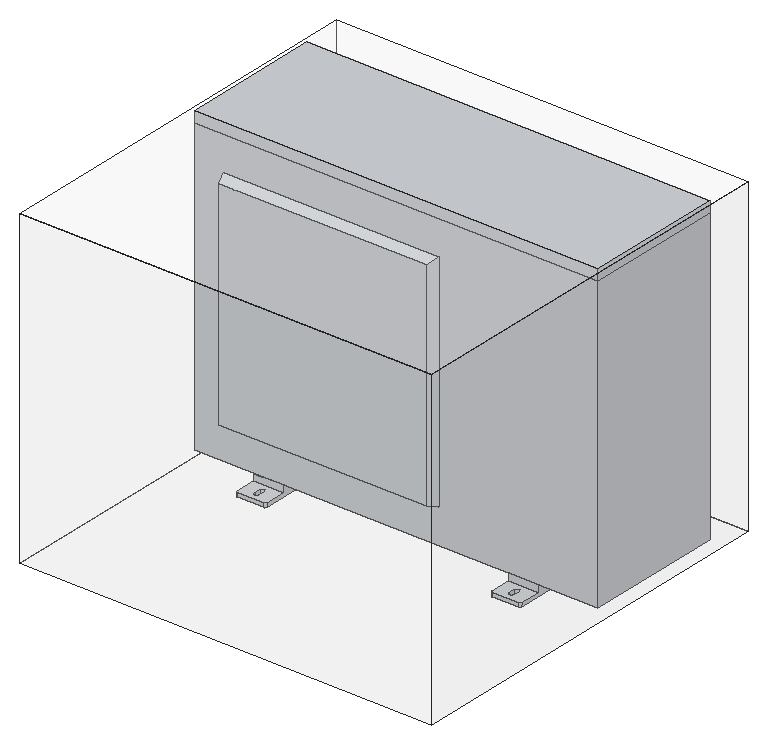
Revit family "puz-ermp80(s)ha_280ka11_50Hz", category 機械設備, Revit 2019
Family settings
  丸型コネクタ寸法 = 直径を使用
  パーツ タイプ = 標準
  OmniClass 番号 = 23.75.10.24.21.27.27
  OmniClass タイトル = Split System Air Conditioning Units
  作業面ベース = いいえ
  常に垂直 = はい
  ロード時にボイドで切り取り = いいえ
  共有 = いいえ
  部屋計算ポイント = いいえ
Parameters (values of type "PUZ-ERMP80HA11")
  音響パワーレベル（冷）(dB) = 68
  音響パワーレベル(dB) = 70
  電源種別 = ""
  電源位置Y = 2 mm
  電源位置Z = 459 mm
  電源位置X = 275 mm
  電圧 = 200 V
  電動機出力_送風機 = 0.06 kW
  電動機出力_圧縮機 = 1.6 kW
  集中コントローラ [instance] = ""
  運転質量 = 0.00 kg
  運転方法 = "冷暖切替"
  質量 = if(製品質量 > 運転質量, 製品質量, 運転質量) * 1.2  # 67.20 kg
  負荷分類 = 1_熱源類
  説明 = "空冷H/P PAC インバータ室外機"
  設計暖房能力 [instance] = 0 kW
  設計冷房能力_顕熱 [instance] = 0 kW
  設計冷房能力 [instance] = 0 kW
  設置方法 = "床置形"
  記号 [instance] = ""
  製造元 = "三菱電機株式会社"
  製品質量 = 56.00 kg
  製品出荷対象 = "国内"
  製品リリース年月 = "2021年5月10日"
  製品グループ = ""
  系統 [instance] = ""
  符号 = "PAC"
  積算_科目 = "1 空気調和設備"
  積算_拾い区分 [instance] = ""
  相 = 3
  盤記号 [instance] = ""
  発停方法 = "付属スイッチ"
  特殊仕様 [instance] = ""
  消費電力_暖房 = 2.01 kW
  消費電力_冷房 = 1.98 kW
  消費電力 = if(消費電力_冷房 > 消費電力_暖房, 消費電力_冷房, 消費電力_暖房)  # 2.01 kW
  法定耐用年数 = "6"
  構成品番 = "PUZ-ERMP80HA"
  極数 = 3
  材質 [instance] = ""
  本体マテリアル = none
  最小電線太さ_mm2 = 1.6
  最大電流値 = 0 A
  暖房能力 = 8 kW
  推奨ブレーカー容量 = 20 A
  据付ピッチ1 = 0 mm
  形式 = "パッケージ形 室外機"
  形名 = PUZ-ERMP-2 : PUZ-EREMP80
  幹線記号 [instance] = ""
  始動方式 = "インバータ始動方式"
  呼称 = "パッケージ形空気調和機_室外機"
  周波数 = 50 Hz
  価格 = 668000
  ドレン　位置Z = 23 mm
  ドレン　位置Y = 111 mm
  ドレン　位置X = 30 mm
  アンカーボルト位置Y = 370 mm
  アンカーボルト位置X = 600 mm
  参照している仕様書等のバージョン = "公共建築物標準仕様書（機械設備工事編）平成31年度版"
  分類コード = "50053003126100"
  分類グループ = ""
  冷房能力 = 7.1 kW
  冷媒管（ガス）位置X = 434 mm
  冷媒管（液）位置X = 377 mm
  冷媒管（液）位置Y = 290 mm
  冷媒管（ガス）位置Y = 229 mm
  冷媒管長 [instance] = 0 mm
  冷媒管径符号 = "Bd"
  冷媒管径 = 100.00 mm
  冷媒管位置Z = 295 mm
  冷媒管位置Y = (冷媒管（液）位置Y + 冷媒管（ガス）位置Y) / 2  # 259.5 mm
  冷媒管位置X = (冷媒管（液）位置X + 冷媒管（ガス）位置X) / 2  # 405.5 mm
  冷媒液管径 = 9.52 mm
  冷媒ガス管径 = 15.88 mm
  企業コード = "108420"
  付属品 [instance] = ""
  仕様書バージョン = "Version1.0"
  ユニット数 = 1
  ユニット3 = no
  ユニット2 = yes
  Model = ""
  ドレン管径 = 33.00 mm
  サービススペース = yes
  コメント [instance] = ""
  ケーブル種類1 = ""
  Width = 950 mm
  Version = ""
  Uniclass2015Version = "Systems v1.9"
  Uniclass2015Title = "Split coil remote air cooled condensing units"
  Uniclass2015Code = "Pr_70_65_03_84"
  URL = "https://www.mitsubishielectric.co.jp/ldg/wink/ssl/displayProduct.do?pid=311346"
  SpecificationReference = ""
  SpecificationDescription = ""
  Revision = ""
  ProductInformation = ""
  OmniClassCode = "23-33 17 13 11"
  IfcTypeProduct = ""
  IfcProduct = ""
  IfcExportType = "AIRCONDITIONINGUNIT"
  IfcExportAs = "IfcUnitaryEquipmentType"
  Height = 740 mm
  Depth = 330 mm
  Clearance Top = 0 mm
  Clearance Right = 10 mm
  Clearance Left = 10 mm
  Clearance Front = 500 mm
  Clearance Bottom = 0 mm
  Clearance Back = 100 mm
  COP = 0
  Author = "三菱電機株式会社"
  APF = 0
Reference planes
  plane 1 "中心(正面/背面)": y = 74
  plane 2: z = 0
  plane 3 "中心(左/右)": x = 830
  plane 4 "右": x = 1305
  plane 5 "左": x = 355
  plane 6 "背面": y = 239
  plane 7 "正面": y = -91
  plane 8 "上部": z = 740
  plane 9 "Clearanse Top": z = 740
  plane 10 "SS_back": y = 339
  plane 11 "SS_front": y = -591
  plane 12 "SS_left": x = 345
  plane 13 "SS_right": x = 1315
  plane 14: z = 0
  plane 15: y = -89
  plane 16: x = 1105
  plane 17: z = 459
  plane 18: y = -87
  plane 19: y = -20.5
  plane 20: x = 1235.5
  plane 21: z = 295
  plane 22: z = 297
  plane 23: y = 128
  plane 24: x = 385
  plane 25: z = 25
  plane 26: z = 23
  plane 27: x = 530
  plane 28: x = 1130
  plane 29: y = 259
  plane 30: y = -111
Forms (mm)
  Extrusion 1, solid, detail levels fine
    sketch origin (0, -91, 0) x (1, 0, 0) y (0, 0, 1)
      loop
        circle (1105, 459) r 13.5
    from -4 to -2
  Extrusion 2, solid, detail levels fine
    sketch origin (-1437.329, -1524, 54) x (-1, 0, 0) y (0, -1, 0)
      loop
        circle (-2672.829, -1503.5) r 50
    from 241 to 243
  Extrusion 3, solid, detail levels fine
    sketch origin (-1437.329, -1524, 54) x (-1, 0, 0) y (0, -1, 0)
      loop
        circle (-1822.329, -1652) r 16.5
    from -31 to -29
Lines and regions (mm)
  model lines, not visible
    curve 1: line (460, 178.667, 1289.179) -> (460, 297.73, 1289.179)
    curve 2: line (460, 178.667, 1056.056) -> (460, 178.667, 1289.179)
    curve 3: line (460, 297.73, 1056.056) -> (460, 178.667, 1056.056)
    curve 4: line (460, 297.73, 1289.179) -> (460, 297.73, 1056.056)
    curve 5: line (460, 47.598, 1289.179) -> (460, 166.661, 1289.179)
    curve 6: line (460, 47.598, 1056.056) -> (460, 47.598, 1289.179)
    curve 7: line (460, 166.661, 1056.056) -> (460, 47.598, 1056.056)
    curve 8: line (460, 166.661, 1289.179) -> (460, 166.661, 1056.056)
    curve 9: line (460, -83.471, 1289.179) -> (460, 35.592, 1289.179)
    curve 10: line (460, -83.471, 1056.056) -> (460, -83.471, 1289.179)
    curve 11: line (460, 35.592, 1056.056) -> (460, -83.471, 1056.056)
    curve 12: line (460, 35.592, 1289.179) -> (460, 35.592, 1056.056)
    curve 13: line (460, -150.779, 1289.179) -> (460, -95.75, 1289.179)
    curve 14: line (460, -150.779, 1056.056) -> (460, -150.779, 1289.179)
    curve 15: line (460, -95.75, 1056.056) -> (460, -150.779, 1056.056)
    curve 16: line (460, -95.75, 1289.179) -> (460, -95.75, 1056.056)
    curve 17: line (460, -150.779, 1283.175) -> (460, -132.596, 1283.175)
    curve 18: line (460, -150.779, 1062.059) -> (460, -150.779, 1283.175)
    curve 19: line (460, -132.596, 1062.059) -> (460, -150.779, 1062.059)
    curve 20: line (460, -132.596, 1283.175) -> (460, -132.596, 1062.059)
    curve 21: line (460, 178.667, 1046.051) -> (460, 297.73, 1046.051)
    curve 22: line (460, 178.667, 812.928) -> (460, 178.667, 1046.051)
    curve 23: line (460, 297.73, 812.928) -> (460, 178.667, 812.928)
    curve 24: line (460, 297.73, 1046.051) -> (460, 297.73, 812.928)
    curve 25: line (460, 47.598, 1046.051) -> (460, 166.661, 1046.051)
    curve 26: line (460, 47.598, 812.928) -> (460, 47.598, 1046.051)
    curve 27: line (460, 166.661, 812.928) -> (460, 47.598, 812.928)
    curve 28: line (460, 166.661, 1046.051) -> (460, 166.661, 812.928)
    curve 29: line (460, -83.471, 1046.051) -> (460, 35.592, 1046.051)
    curve 30: line (460, -83.471, 812.928) -> (460, -83.471, 1046.051)
    curve 31: line (460, 35.592, 812.928) -> (460, -83.471, 812.928)
    curve 32: line (460, 35.592, 1046.051) -> (460, 35.592, 812.928)
    curve 33: line (460, -150.779, 1046.051) -> (460, -95.75, 1046.051)
    curve 34: line (460, -150.779, 812.928) -> (460, -150.779, 1046.051)
    curve 35: line (460, -95.75, 812.928) -> (460, -150.779, 812.928)
    curve 36: line (460, -95.75, 1046.051) -> (460, -95.75, 812.928)
    curve 37: line (460, -150.779, 1040.048) -> (460, -132.596, 1040.048)
    curve 38: line (460, -150.779, 818.931) -> (460, -150.779, 1040.048)
    curve 39: line (460, -132.596, 818.931) -> (460, -150.779, 818.931)
    curve 40: line (460, -132.596, 1040.048) -> (460, -132.596, 818.931)
    curve 41: line (460, 178.667, 802.923) -> (460, 297.73, 802.923)
    curve 42: line (460, 178.667, 569.8) -> (460, 178.667, 802.923)
    curve 43: line (460, 297.73, 569.8) -> (460, 178.667, 569.8)
    curve 44: line (460, 297.73, 802.923) -> (460, 297.73, 569.8)
    curve 45: line (460, 47.598, 802.923) -> (460, 166.661, 802.923)
    curve 46: line (460, 47.598, 569.8) -> (460, 47.598, 802.923)
    curve 47: line (460, 166.661, 569.8) -> (460, 47.598, 569.8)
    curve 48: line (460, 166.661, 802.923) -> (460, 166.661, 569.8)
    curve 49: line (460, -83.471, 802.923) -> (460, 35.592, 802.923)
    curve 50: line (460, -83.471, 569.8) -> (460, -83.471, 802.923)
    curve 51: line (460, 35.592, 569.8) -> (460, -83.471, 569.8)
    curve 52: line (460, 35.592, 802.923) -> (460, 35.592, 569.8)
    curve 53: line (460, -150.779, 802.923) -> (460, -95.75, 802.923)
    curve 54: line (460, -150.779, 569.8) -> (460, -150.779, 802.923)
    curve 55: line (460, -95.75, 569.8) -> (460, -150.779, 569.8)
    curve 56: line (460, -95.75, 802.923) -> (460, -95.75, 569.8)
    curve 57: line (460, -150.779, 796.92) -> (460, -132.596, 796.92)
    curve 58: line (460, -150.779, 575.803) -> (460, -150.779, 796.92)
    curve 59: line (460, -132.596, 575.803) -> (460, -150.779, 575.803)
    curve 60: line (460, -132.596, 796.92) -> (460, -132.596, 575.803)
    curve 61: line (460, 178.667, 559.795) -> (460, 297.73, 559.795)
    curve 62: line (460, 178.667, 326.672) -> (460, 178.667, 559.795)
    curve 63: line (460, 297.73, 326.672) -> (460, 178.667, 326.672)
    curve 64: line (460, 297.73, 559.795) -> (460, 297.73, 326.672)
    curve 65: line (460, 47.598, 559.795) -> (460, 166.661, 559.795)
    curve 66: line (460, 47.598, 326.672) -> (460, 47.598, 559.795)
    curve 67: line (460, 166.661, 326.672) -> (460, 47.598, 326.672)
    curve 68: line (460, 166.661, 559.795) -> (460, 166.661, 326.672)
    curve 69: line (460, -83.471, 559.795) -> (460, 35.592, 559.795)
    curve 70: line (460, -83.471, 326.672) -> (460, -83.471, 559.795)
    curve 71: line (460, 35.592, 326.672) -> (460, -83.471, 326.672)
    curve 72: line (460, 35.592, 559.795) -> (460, 35.592, 326.672)
    curve 73: line (460, -150.779, 559.795) -> (460, -95.75, 559.795)
    curve 74: line (460, -150.779, 326.672) -> (460, -150.779, 559.795)
    curve 75: line (460, -95.75, 326.672) -> (460, -150.779, 326.672)
    curve 76: line (460, -95.75, 559.795) -> (460, -95.75, 326.672)
    curve 77: line (460, -150.779, 553.792) -> (460, -132.596, 553.792)
    curve 78: line (460, -150.779, 332.675) -> (460, -150.779, 553.792)
    curve 79: line (460, -132.596, 332.675) -> (460, -150.779, 332.675)
    curve 80: line (460, -132.596, 553.792) -> (460, -132.596, 332.675)
    curve 81: line (460, 178.667, 316.667) -> (460, 297.73, 316.667)
    curve 82: line (460, 178.667, 83.544) -> (460, 178.667, 316.667)
    curve 83: line (460, 297.73, 83.544) -> (460, 178.667, 83.544)
    curve 84: line (460, 297.73, 316.667) -> (460, 297.73, 83.544)
    curve 85: line (460, 47.598, 316.667) -> (460, 166.661, 316.667)
    curve 86: line (460, 47.598, 83.544) -> (460, 47.598, 316.667)
    curve 87: line (460, 166.661, 83.544) -> (460, 47.598, 83.544)
    curve 88: line (460, 166.661, 316.667) -> (460, 166.661, 83.544)
    curve 89: line (460, -83.471, 316.667) -> (460, 35.592, 316.667)
    curve 90: line (460, -83.471, 83.544) -> (460, -83.471, 316.667)
    curve 91: line (460, 35.592, 83.544) -> (460, -83.471, 83.544)
    curve 92: line (460, 35.592, 316.667) -> (460, 35.592, 83.544)
    curve 93: line (460, -150.779, 316.667) -> (460, -95.75, 316.667)
    curve 94: line (460, -150.779, 83.544) -> (460, -150.779, 316.667)
    curve 95: line (460, -95.75, 83.544) -> (460, -150.779, 83.544)
    curve 96: line (460, -95.75, 316.667) -> (460, -95.75, 83.544)
    curve 97: line (460, -150.779, 310.664) -> (460, -132.596, 310.664)
    curve 98: line (460, -150.779, 89.547) -> (460, -150.779, 310.664)
    curve 99: line (460, -132.596, 89.547) -> (460, -150.779, 89.547)
    curve 100: line (460, -132.596, 310.664) -> (460, -132.596, 89.547)
Dimensions and locks
  equal spacing: plane 7 "正面", plane 1 "中心(正面/背面)", plane 6 "背面"
  "Depth": plane 7 "正面" to plane 6 "背面"
  "Width": plane 5 "左" to plane 4 "右"
  equal spacing: plane 5 "左", plane 3 "中心(左/右)", plane 4 "右"
  "Clearance Left": plane 12 "SS_left" to plane 5 "左"
  "Clearance Right": plane 4 "右" to plane 13 "SS_right"
  "Clearance Back": plane 6 "背面" to plane 10 "SS_back"
  "Clearance Front": plane 11 "SS_front" to plane 7 "正面"
  "Height": plane 8 "上部" to level
  "Clearance Top": plane 9 "Clearanse Top" to plane 8 "上部"
  "Clearance Bottom": level to plane 14
  "電源位置X": plane 3 "中心(左/右)" to plane 16
  "電源位置Y": plane 7 "正面" to plane 15
  "電源位置Z": plane 17 to level
  locked: plane 15 to plane 18 at 2
  "冷媒管位置X": plane 3 "中心(左/右)" to plane 20
  "冷媒管位置Y": plane 19 to plane 6 "背面"
  "冷媒管位置Z": plane 21 to level
  locked: plane 22 to plane 21 at 2
  "ドレン　位置X": plane 5 "左" to plane 24
  "ドレン　位置Y": plane 23 to plane 6 "背面"
  locked: plane 25 to plane 26 at 2
  "ドレン　位置Z": plane 26 to level
  equal spacing: plane 30, plane 1 "中心(正面/背面)", plane 29
  "アンカーボルト位置Y": plane 30 to plane 29
  equal spacing: plane 27, plane 3 "中心(左/右)", plane 28
  "アンカーボルト位置X": plane 27 to plane 28
  radius of Extrusion 1 sketch curve = 13.5 mm
  "冷媒管径": diameter of Extrusion 2 sketch curve
  "ドレン管径": diameter of Extrusion 3 sketch curve
  aligned and locked: level to plane 2
  aligned and locked: plane 10 "SS_back" to nested 1  (x2)
  aligned and locked: plane 13 "SS_right" to nested 1
  aligned and locked: plane 12 "SS_left" to nested 1  (x2)
  aligned and locked: nested 1 to plane 13 "SS_right"
  aligned and locked: plane 11 "SS_front" to nested 1
  aligned and locked: plane 9 "Clearanse Top" to nested 1
  aligned and locked: plane 1 "中心(正面/背面)" to nested 2
  aligned and locked: plane 3 "中心(左/右)" to nested 2
  aligned and locked: plane 14 to nested 1
  aligned and locked: plane 17 to Extrusion 1 sketch curve
  aligned and locked: plane 16 to Extrusion 1 sketch curve
  aligned and locked: Extrusion 1 to plane 18
  aligned and locked: plane 15 to Extrusion 1
  aligned and locked: plane 19 to Extrusion 2 sketch curve
  aligned and locked: plane 20 to Extrusion 2 sketch curve
  aligned and locked: plane 22 to Extrusion 2
  aligned and locked: Extrusion 2 to plane 21
  aligned and locked: plane 24 to Extrusion 3 sketch curve
  aligned and locked: plane 23 to Extrusion 3 sketch curve
  aligned and locked: plane 25 to Extrusion 3
  aligned and locked: Extrusion 3 to plane 26
  aligned and locked: plane 27 to nested 3
  aligned and locked: plane 29 to nested 3
Nested families
  nested 1: "サービススペース" at (830, -126, 370), visible <- "サービススペース", type "サービススペース"
    with Width 970 mm, Height 740 mm, Depth 930 mm
  nested 2: "PUZ-ERMP-2" at (830, 74, 0), type <- "形名", type "PUZ-EREMP80"
  nested 3: "固定点" at (530, -111, 0), type "固定点"
    with W 600 mm, D 370 mm
Connectors
  piping at (1235.5, -20.5, 295), diameter 100, driven by "冷媒管径", driven by "冷媒管径符号"
    settings: on Extrusion 2, index 1, connector inside diameter 609.60 mm, connector length 0 mm, flow factor 0, pipe flow 0.0 L/s, pressure drop 0.0 Pa, fitting loss kfactor 0, connector angle 0.00°, fixture units 0, engagement length 0 mm, angle of deflection 0.00°, flow configuration 1, flow direction 2, fitting loss method 4, system type 7, joint type 0, gender type 0, connector reference index -1, connector utility 0, adjustable connector no, is connector primary yes, connector description "Bd"
  electrical at (1105, -89, 459), driven by "極数", driven by "負荷分類", driven by "電圧", driven by "消費電力"
    settings: on Extrusion 1, index 2, voltage 200 V, apparent load 2010 VA, apparent load phase1 0 VA, apparent load phase2 0 VA, apparent load phase3 0 VA, power factor 1, load classification "1_熱源類", number of poles 3, system type 30, power factor state 1, is connector primary yes, connector utility no, sub classification motor no, connector description ""
Definition of nested family "サービススペース"
  Parameters (values of type "サービススペース")
    Width [instance] = 500 mm
    Height [instance] = 500 mm
    Depth [instance] = 500 mm
  Reference planes
    plane 1 "中心(正面/背面)": y = 0
    plane 2: z = 0
    plane 3 "中心(左/右)": x = 0
    plane 4: y = -250
    plane 5: x = 250
    plane 6: y = 250
    plane 7: x = -250
    plane 8: z = 250
    plane 9: z = -250
  Forms (mm)
    Extrusion 1, solid
      sketch origin (-638.939, 0, 72.39) x (1, 0, 0) y (0, 1, 0)
        loop
          line (388.939, 250) -> (388.939, -250) -> (888.939, -250) -> (888.939, 250) -> (388.939, 250)
      from -322.39 to 177.61
  Lines and regions (mm)
    symbolic lines
      curve 1: line (-250, 0, 250) -> (250, 0, 250)
      curve 2: line (-250, 0, -250) -> (-250, 0, 250)
      curve 3: line (250, 0, -250) -> (-250, 0, -250)
      curve 4: line (250, 0, 250) -> (250, 0, -250)
      curve 5: line (0, -250, 250) -> (0, 250, 250)
      curve 6: line (0, -250, -250) -> (0, -250, 250)
      curve 7: line (0, 250, -250) -> (0, -250, -250)
      curve 8: line (0, 250, 250) -> (0, 250, -250)
      curve 9: line (-250, 250, 0) -> (250, 250, 0)
      curve 10: line (-250, -250, 0) -> (-250, 250, 0)
      curve 11: line (250, -250, 0) -> (-250, -250, 0)
      curve 12: line (250, 250, 0) -> (250, -250, 0)
  Dimensions and locks
    equal spacing: plane 7, plane 3 "中心(左/右)", plane 5
    equal spacing: plane 4, plane 1 "中心(正面/背面)", plane 6
    "Depth": plane 4 to plane 6
    "Width": plane 7 to plane 5
    equal spacing: plane 8, plane 2, plane 9
    "Height": plane 8 to plane 9
    aligned and locked: plane 9 to curve 3
    aligned and locked: plane 7 to curve 2
    aligned and locked: curve 4 to plane 5
    aligned and locked: plane 5 to Extrusion 1
    aligned and locked: Extrusion 1 to plane 7
    aligned and locked: Extrusion 1 to plane 9
    aligned and locked: plane 8 to Extrusion 1
    aligned and locked: plane 9 to curve 7
  Automatic sketch dimensions
    plane 4 to Extrusion 1 sketch curve = 0 mm
    Extrusion 1 sketch curve to plane 7 = 0 mm
    Extrusion 1 sketch curve to plane 5 = 0 mm
    plane 6 to Extrusion 1 sketch curve = 0 mm
    curve 2 to plane 8 = 0 mm
    plane 4 to curve 11 = 0 mm
    curve 11 to plane 7 = 0 mm
    curve 11 to plane 5 = 0 mm
    plane 6 to curve 10 = 0 mm
    curve 7 to plane 4 = 0 mm
    curve 7 to plane 6 = 0 mm
    curve 6 to plane 8 = 0 mm
Definition of nested family "PUZ-ERMP-2"
  Parameters (values of type "PUZ-EREMP80")
    配線取出口サイズ = 27 mm
    配線取出口-Z = 459 mm
    配線取出口-Y = 325 mm
    配線取出口-X = 275 mm
    液配管サイズ = 100 mm
    高さ = 740 mm
    換気-W = 322 mm
    換気-H2 = 632 mm
    換気-H1 = 371 mm
    換気-D = 25 mm
    奥行き = 330 mm
    吊りボルト_H = 0 mm
    吊りボルト-φ = 12 mm
    冷媒配管サイズ = 9.52 mm
    冷媒液管径-Z = 295 mm
    冷媒液管径-Y = 290 mm
    冷媒液管径-X = 377 mm
    冷媒ガス管径-Z = 281 mm
    冷媒ガス管径-Y = 229 mm
    冷媒ガス管径-X = 434 mm
    吊りボルト-W = 600 mm
    マテリアル = none
    ドレン配管サイズ = 33 mm
    ドレン管径-Z = 0 mm
    ドレン管径-Y = 219 mm
    ドレン管径-X = 445 mm
    タイプ3 = no
    タイプ2 = yes
    タイプ1 = no
    ガス配管サイズ = 15.88 mm
    吊りボルト-D = 370 mm
    幅さ = 950 mm
    a = 幅さ / 2  # 475 mm
  Reference planes
    plane 1 "中心(正面/背面)": y = 0
    plane 2: z = 0
    plane 3 "中心(左/右)": x = 0
    plane 4: z = 740
    plane 5: x = -475
    plane 6: x = 475
    plane 7: y = 165
    plane 8: y = -165
    plane 9: x = 537
    plane 10: y = -105
    plane 11: y = 5
    plane 12: z = 715
    plane 13: x = -495
    plane 14: x = -300
    plane 15: x = 300
    plane 16: y = 185
    plane 17: y = -185
    plane 18: x = 335
    plane 19: x = 265
    plane 20: x = -265
    plane 21: x = -335
    plane 22: y = 204
    plane 23: y = -218
    plane 24: z = 8.5
    plane 25: z = 25
    plane 26: z = 23
    plane 27: x = -185
    plane 28: x = 170
    plane 29: z = 735
    plane 30: y = -40
    plane 31: y = 40
    plane 32: y = -30
    plane 33: y = 30
    plane 34: z = 720
    plane 35: z = 55
    plane 36: z = 225
    plane 37: z = 570
    plane 38: x = 485
    plane 39: x = 506
    plane 40: y = -190
    plane 41: x = -153
    plane 42: z = 371
    plane 43: x = 101
    plane 44: x = -407
    plane 45: z = 635
    plane 46: z = 107
    plane 47: x = -397
    plane 48: x = 91
    plane 49: z = 625
    plane 50: z = 117
    plane 51: y = 115
    plane 52: y = -115
    plane 53: y = 54
    plane 54: x = 434
    plane 55: x = 275
    plane 56: y = -160
    plane 57: y = -125
    plane 58: y = -64
    plane 59: x = 377
    plane 60: z = 281
    plane 61: z = 295
    plane 62: z = 459
    plane 63: y = -110
    plane 64: z = 381
    plane 65: z = 395
    plane 66: x = 405.5
    plane 67: y = -94.5
    plane 68 "グループ": x = -475
    plane 69: z = 1338
    plane 70: z = 943
    plane 71: z = 1003
    plane 72: z = 1267
    plane 73: z = 739
    plane 74: z = 1257
    plane 75: z = 749
    plane 76: x = -445
    plane 77: y = 135
    plane 78: x = -225
    plane 79: x = -80
    plane 80: x = 65
    plane 81: x = 210
  Forms (mm)
    Extrusion 1, solid, visible <- "タイプ2", detail levels fine
      sketch origin (-1437.329, -1524, 740) x (-1, 0, 0) y (0, -1, 0)
        loop
          line (-1102.329, -1689) -> (-1102.329, -1359) -> (-1172.329, -1359) -> (-1172.329, -1689) -> (-1102.329, -1689)
        loop
          line (-1702.329, -1689) -> (-1702.329, -1359) -> (-1772.329, -1359) -> (-1772.329, -1689) -> (-1702.329, -1689)
      from -740 to -715
    Extrusion 2, solid, material <- "マテリアル", visible <- "タイプ2", detail levels fine
      sketch origin (-1437.329, -1524, 740) x (-1, 0, 0) y (0, -1, 0)
        loop
          line (-1912.329, -1689) -> (-962.329, -1689) -> (-962.329, -1359) -> (-1912.329, -1359) -> (-1912.329, -1689)
      from -715 to -25
    Extrusion 3, solid, material <- "マテリアル", visible <- "タイプ2", detail levels fine
      sketch origin (-1437.329, -1524, 740) x (-1, 0, 0) y (0, -1, 0)
        loop
          line (-962.329, -1689) -> (-962.329, -1359) -> (-1912.329, -1359) -> (-1912.329, -1689) -> (-962.329, -1689)
      from -25 to 0
    Blend 4, solid, material <- "マテリアル", visible <- "タイプ2", detail levels fine
      base sketch origin (0, 0, 0) x (1, 0, 0) y (0, 0, 1)
        loop
          line (-407, 635) -> (-407, 107) -> (101, 107) -> (101, 635) -> (-407, 635)
      top sketch origin (0, 0, 0) x (1, 0, 0) y (0, 0, 1)
        loop
          line (-397, 625) -> (-397, 117) -> (91, 117) -> (91, 625) -> (-397, 625)
      from 165 to 190
    Extrusion 5, solid, material <- "マテリアル", visible <- "タイプ2", detail levels fine
      sketch origin (-1437.329, -1524, 740) x (-1, 0, 0) y (0, -1, 0)
        loop
          circle (-1871.329, -1460) r 7.94
      from -459 to -359
    Extrusion 6, solid, material <- "マテリアル", visible <- "タイプ2", detail levels fine
      sketch origin (-1437.329, -1524, 740) x (-1, 0, 0) y (0, -1, 0)
        loop
          circle (-1814.329, -1399) r 4.76
      from -445 to -345
    Extrusion 7, solid, material <- "マテリアル", visible <- "タイプ2", detail levels fine
      sketch origin (1480.036, -190, 1200) x (1, 0, 0) y (0, 0, 1)
        loop
          circle (-1205.036, -741) r 13.5
      from -80 to -30
    Extrusion 8, solid, material <- "マテリアル", visible <- "タイプ2", detail levels fine
      sketch origin (-1437.329, -1524, 740) x (-1, 0, 0) y (0, -1, 0)
        loop
          circle (-1842.829, -1429.5) r 50
      from -445 to -345
    Extrusion 9, solid, visible <- "タイプ2", detail levels fine
      sketch origin (-1437.329, -1524, 740) x (-1, 0, 0) y (0, -1, 0)
        loop
          line (-1102.329, -1728) -> (-1102.329, -1689) -> (-1172.329, -1689) -> (-1172.329, -1728) -> (-1143.329, -1728) -> (-1143.329, -1709)
          arc (-1143.329, -1709) -> (-1137.329, -1703) -> (-1131.329, -1709) r 6
          line (-1131.329, -1709) -> (-1131.329, -1728) -> (-1102.329, -1728)
        loop
          line (-1102.329, -1359) -> (-1102.329, -1311)
          arc (-1102.329, -1311) -> (-1103.794, -1307.464) -> (-1107.329, -1306) r 5
          line (-1107.329, -1306) -> (-1167.329, -1306)
          arc (-1167.329, -1306) -> (-1170.865, -1307.464) -> (-1172.329, -1311) r 5
          line (-1172.329, -1311) -> (-1172.329, -1359) -> (-1102.329, -1359)
        loop
          arc (-1143.329, -1339) -> (-1137.329, -1345) -> (-1131.329, -1339) r 6
          line (-1131.329, -1339) -> (-1131.329, -1324)
          arc (-1131.329, -1324) -> (-1137.329, -1318) -> (-1143.329, -1324) r 6
          line (-1143.329, -1324) -> (-1143.329, -1339)
        loop
          line (-1772.329, -1728) -> (-1743.329, -1728) -> (-1743.329, -1709)
          arc (-1743.329, -1709) -> (-1737.329, -1703) -> (-1731.329, -1709) r 6
          line (-1731.329, -1709) -> (-1731.329, -1728) -> (-1702.329, -1728) -> (-1702.329, -1689) -> (-1772.329, -1689) -> (-1772.329, -1728)
        loop
          line (-1772.329, -1359) -> (-1702.329, -1359) -> (-1702.329, -1311)
          arc (-1702.329, -1311) -> (-1703.794, -1307.464) -> (-1707.329, -1306) r 5
          line (-1707.329, -1306) -> (-1767.329, -1306)
          arc (-1767.329, -1306) -> (-1770.865, -1307.464) -> (-1772.329, -1311) r 5
          line (-1772.329, -1311) -> (-1772.329, -1359)
        loop
          line (-1731.329, -1339) -> (-1731.329, -1324)
          arc (-1731.329, -1324) -> (-1737.329, -1318) -> (-1743.329, -1324) r 6
          line (-1743.329, -1324) -> (-1743.329, -1339)
          arc (-1743.329, -1339) -> (-1737.329, -1345) -> (-1731.329, -1339) r 6
      from -740 to -731.5
    Extrusion 10, solid, material <- "マテリアル", visible <- "タイプ2", detail levels fine
      sketch origin (-1437.329, -1524, 740) x (-1, 0, 0) y (0, -1, 0)
        loop
          circle (-992.329, -1578) r 16.5
        loop
          circle (-1212.329, -1659) r 16.5
        loop
          circle (-1357.329, -1659) r 16.5
        loop
          circle (-1502.329, -1659) r 16.5
        loop
          circle (-1647.329, -1659) r 16.5
      from -717 to -715
  Cuts and joins
    joined: Extrusion 1, Extrusion 9
  Lines and regions (mm)
    Masking region 1, visible <- "タイプ2", detail levels coarse+medium
      outline origin (-1437.329, -1524, 740) x (-1, 0, 0) y (0, -1, 0)
        loop
          line (-1912.329, -1689) -> (-1772.329, -1689) -> (-1772.329, -1728) -> (-1702.329, -1728) -> (-1702.329, -1689) -> (-1172.329, -1689) -> (-1172.329, -1728) -> (-1102.329, -1728) -> (-1102.329, -1689) -> (-962.329, -1689) -> (-962.329, -1359) -> (-1030.329, -1359) -> (-1040.329, -1334) -> (-1102.329, -1334) -> (-1102.329, -1306) -> (-1172.329, -1306) -> (-1172.329, -1334) -> (-1528.329, -1334) -> (-1538.329, -1359) -> (-1702.329, -1359) -> (-1702.329, -1306) -> (-1772.329, -1306) -> (-1772.329, -1359) -> (-1912.329, -1359) -> (-1912.329, -1689)
    model lines, visible <- "タイプ2", detail levels fine
      curve 1: line (-397, -190, 418.5) -> (91, -190, 418.5)
      curve 2: line (91, -190, 323.5) -> (-397, -190, 323.5)
      curve 3: line (-397, -190, 513.5) -> (91, -190, 513.5)
      curve 4: line (-397, -190, 608.5) -> (91, -190, 608.5)
      curve 5: line (91, -190, 228.5) -> (-397, -190, 228.5)
      curve 6: line (91, -190, 133.5) -> (-397, -190, 133.5)
      curve 7: line (-379.571, -190, 625) -> (-379.571, -190, 117)
      curve 8: line (73.571, -190, 117) -> (73.571, -190, 625)
      curve 9: line (-362.143, -190, 625) -> (-362.143, -190, 117)
      curve 10: line (-344.714, -190, 625) -> (-344.714, -190, 117)
      curve 11: line (-327.286, -190, 625) -> (-327.286, -190, 117)
      curve 12: line (-309.857, -190, 625) -> (-309.857, -190, 117)
      curve 13: line (-292.429, -190, 625) -> (-292.429, -190, 117)
      curve 14: line (-275, -190, 625) -> (-275, -190, 117)
      curve 15: line (-257.571, -190, 625) -> (-257.571, -190, 117)
      curve 16: line (-240.143, -190, 625) -> (-240.143, -190, 117)
      curve 17: line (-222.714, -190, 625) -> (-222.714, -190, 117)
      curve 18: line (-205.286, -190, 625) -> (-205.286, -190, 117)
      curve 19: line (-187.857, -190, 625) -> (-187.857, -190, 117)
      curve 20: line (-170.429, -190, 625) -> (-170.429, -190, 117)
      curve 21: line (-153, -190, 625) -> (-153, -190, 117)
      curve 22: line (-135.571, -190, 625) -> (-135.571, -190, 117)
      curve 23: line (-118.143, -190, 625) -> (-118.143, -190, 117)
      curve 24: line (-100.714, -190, 625) -> (-100.714, -190, 117)
      curve 25: line (-83.286, -190, 625) -> (-83.286, -190, 117)
      curve 26: line (-65.857, -190, 625) -> (-65.857, -190, 117)
      curve 27: line (-48.429, -190, 625) -> (-48.429, -190, 117)
      curve 28: line (-31, -190, 625) -> (-31, -190, 117)
      curve 29: line (-13.571, -190, 625) -> (-13.571, -190, 117)
      curve 30: line (3.857, -190, 625) -> (3.857, -190, 117)
      curve 31: line (21.286, -190, 625) -> (21.286, -190, 117)
      curve 32: line (38.714, -190, 625) -> (38.714, -190, 117)
      curve 33: line (56.143, -190, 625) -> (56.143, -190, 117)
    model lines, visible <- "タイプ3", not visible
      curve 34: line (-404.5, -100, 907) -> (-404.5, -60, 907)
      curve 35: line (-404.5, -100, 1097) -> (-404.5, -100, 907)
      curve 36: line (-404.5, -60, 1097) -> (-404.5, -100, 1097)
      curve 37: line (-404.5, -60, 907) -> (-404.5, -60, 1097)
      curve 38: line (-404.5, 60, 907) -> (-404.5, 100, 907)
      curve 39: line (-404.5, 60, 1097) -> (-404.5, 60, 907)
      curve 40: line (-404.5, 100, 1097) -> (-404.5, 60, 1097)
      curve 41: line (-404.5, 100, 907) -> (-404.5, 100, 1097)
      curve 42: line (-404.5, -46.667, 907) -> (-404.5, -6.667, 907)
      curve 43: line (-404.5, -46.667, 1097) -> (-404.5, -46.667, 907)
      curve 44: line (-404.5, -6.667, 1097) -> (-404.5, -46.667, 1097)
      curve 45: line (-404.5, -6.667, 907) -> (-404.5, -6.667, 1097)
      curve 46: line (-404.5, 6.667, 907) -> (-404.5, 46.667, 907)
      curve 47: line (-404.5, 6.667, 1097) -> (-404.5, 6.667, 907)
      curve 48: line (-404.5, 46.667, 1097) -> (-404.5, 6.667, 1097)
      curve 49: line (-404.5, 46.667, 907) -> (-404.5, 46.667, 1097)
      curve 50: line (-404.5, -100, 1112) -> (-404.5, -60, 1112)
      curve 51: line (-404.5, -100, 1302) -> (-404.5, -100, 1112)
      curve 52: line (-404.5, -60, 1302) -> (-404.5, -100, 1302)
      curve 53: line (-404.5, -60, 1112) -> (-404.5, -60, 1302)
      curve 54: line (-404.5, 60, 1112) -> (-404.5, 100, 1112)
      curve 55: line (-404.5, 60, 1302) -> (-404.5, 60, 1112)
      curve 56: line (-404.5, 100, 1302) -> (-404.5, 60, 1302)
      curve 57: line (-404.5, 100, 1112) -> (-404.5, 100, 1302)
      curve 58: line (-404.5, -46.667, 1112) -> (-404.5, -6.667, 1112)
      curve 59: line (-404.5, -46.667, 1302) -> (-404.5, -46.667, 1112)
      curve 60: line (-404.5, -6.667, 1302) -> (-404.5, -46.667, 1302)
      curve 61: line (-404.5, -6.667, 1112) -> (-404.5, -6.667, 1302)
      curve 62: line (-404.5, 6.667, 1112) -> (-404.5, 46.667, 1112)
      curve 63: line (-404.5, 6.667, 1302) -> (-404.5, 6.667, 1112)
      curve 64: line (-404.5, 46.667, 1302) -> (-404.5, 6.667, 1302)
      curve 65: line (-404.5, 46.667, 1112) -> (-404.5, 46.667, 1302)
    model lines, visible <- "タイプ2", not visible
      curve 66: line (-600, -100, 33.5) -> (-600, -60, 33.5)
      curve 67: line (-600, -100, 73.5) -> (-600, -100, 33.5)
      curve 68: line (-600, -60, 73.5) -> (-600, -100, 73.5)
      curve 69: line (-600, -60, 33.5) -> (-600, -60, 73.5)
      curve 70: line (-600, 60, 33.5) -> (-600, 100, 33.5)
      curve 71: line (-600, 60, 73.5) -> (-600, 60, 33.5)
      curve 72: line (-600, 100, 73.5) -> (-600, 60, 73.5)
      curve 73: line (-600, 100, 33.5) -> (-600, 100, 73.5)
      curve 74: line (-509, -46.667, 33.5) -> (-509, -6.667, 33.5)
      curve 75: line (-509, -46.667, 73.5) -> (-509, -46.667, 33.5)
      curve 76: line (-509, -6.667, 73.5) -> (-509, -46.667, 73.5)
      curve 77: line (-509, -6.667, 33.5) -> (-509, -6.667, 73.5)
      curve 78: line (-509, 6.667, 33.5) -> (-509, 46.667, 33.5)
      curve 79: line (-509, 6.667, 73.5) -> (-509, 6.667, 33.5)
      curve 80: line (-509, 46.667, 73.5) -> (-509, 6.667, 73.5)
      curve 81: line (-509, 46.667, 33.5) -> (-509, 46.667, 73.5)
    model lines, visible <- "タイプ2", not visible, detail levels fine
      curve 82: line (-475, -100, 87) -> (-475, -60, 87)
      curve 83: line (-475, -100, 277) -> (-475, -100, 87)
      curve 84: line (-475, -60, 277) -> (-475, -100, 277)
      curve 85: line (-475, -60, 87) -> (-475, -60, 277)
      curve 86: line (-475, -100, 292) -> (-475, -60, 292)
      curve 87: line (-475, -100, 482) -> (-475, -100, 292)
      curve 88: line (-475, -60, 482) -> (-475, -100, 482)
      curve 89: line (-475, -60, 292) -> (-475, -60, 482)
      curve 90: line (-475, -100, 497) -> (-475, -60, 497)
      curve 91: line (-475, -100, 687) -> (-475, -100, 497)
      curve 92: line (-475, -60, 687) -> (-475, -100, 687)
      curve 93: line (-475, -60, 497) -> (-475, -60, 687)
      curve 94: line (-475, -100, 702) -> (-475, -60, 702)
      curve 95: line (-475, -100, 892) -> (-475, -100, 702)
      curve 96: line (-475, -60, 892) -> (-475, -100, 892)
      curve 97: line (-475, -60, 702) -> (-475, -60, 892)
      curve 98: line (-475, 60, 87) -> (-475, 100, 87)
      curve 99: line (-475, 60, 277) -> (-475, 60, 87)
      curve 100: line (-475, 100, 277) -> (-475, 60, 277)
      curve 101: line (-475, 100, 87) -> (-475, 100, 277)
      curve 102: line (-475, -46.667, 87) -> (-475, -6.667, 87)
      curve 103: line (-475, -46.667, 277) -> (-475, -46.667, 87)
      curve 104: line (-475, -6.667, 277) -> (-475, -46.667, 277)
      curve 105: line (-475, -6.667, 87) -> (-475, -6.667, 277)
      curve 106: line (-475, 6.667, 87) -> (-475, 46.667, 87)
      curve 107: line (-475, 6.667, 277) -> (-475, 6.667, 87)
      curve 108: line (-475, 46.667, 277) -> (-475, 6.667, 277)
      curve 109: line (-475, 46.667, 87) -> (-475, 46.667, 277)
      curve 110: line (-475, 60, 292) -> (-475, 100, 292)
      curve 111: line (-475, 60, 482) -> (-475, 60, 292)
      curve 112: line (-475, 100, 482) -> (-475, 60, 482)
      curve 113: line (-475, 100, 292) -> (-475, 100, 482)
      curve 114: line (-475, 60, 702) -> (-475, 100, 702)
      curve 115: line (-475, 60, 892) -> (-475, 60, 702)
      curve 116: line (-475, 100, 892) -> (-475, 60, 892)
      curve 117: line (-475, 100, 702) -> (-475, 100, 892)
      curve 118: line (-475, -46.667, 292) -> (-475, -6.667, 292)
      curve 119: line (-475, -46.667, 482) -> (-475, -46.667, 292)
      curve 120: line (-475, -6.667, 482) -> (-475, -46.667, 482)
      curve 121: line (-475, -6.667, 292) -> (-475, -6.667, 482)
      curve 122: line (-475, -46.667, 497) -> (-475, -6.667, 497)
      curve 123: line (-475, -46.667, 687) -> (-475, -46.667, 497)
      curve 124: line (-475, -6.667, 687) -> (-475, -46.667, 687)
      curve 125: line (-475, -6.667, 497) -> (-475, -6.667, 687)
      curve 126: line (-475, -46.667, 702) -> (-475, -6.667, 702)
      curve 127: line (-475, -46.667, 892) -> (-475, -46.667, 702)
      curve 128: line (-475, -6.667, 892) -> (-475, -46.667, 892)
      curve 129: line (-475, -6.667, 702) -> (-475, -6.667, 892)
      curve 130: line (-475, 6.667, 292) -> (-475, 46.667, 292)
      curve 131: line (-475, 6.667, 482) -> (-475, 6.667, 292)
      curve 132: line (-475, 46.667, 482) -> (-475, 6.667, 482)
      curve 133: line (-475, 46.667, 292) -> (-475, 46.667, 482)
      curve 134: line (-475, 6.667, 497) -> (-475, 46.667, 497)
      curve 135: line (-475, 6.667, 687) -> (-475, 6.667, 497)
      curve 136: line (-475, 46.667, 687) -> (-475, 6.667, 687)
      curve 137: line (-475, 46.667, 497) -> (-475, 46.667, 687)
      curve 138: line (-475, 6.667, 702) -> (-475, 46.667, 702)
      curve 139: line (-475, 6.667, 892) -> (-475, 6.667, 702)
      curve 140: line (-475, 46.667, 892) -> (-475, 6.667, 892)
      curve 141: line (-475, 46.667, 702) -> (-475, 46.667, 892)
      curve 175: line (-475, -100, 33.5) -> (-475, -60, 33.5)
      curve 176: line (-475, -100, 73.5) -> (-475, -100, 33.5)
      curve 177: line (-475, -60, 73.5) -> (-475, -100, 73.5)
      curve 178: line (-475, -60, 33.5) -> (-475, -60, 73.5)
      curve 179: line (-475, 60, 33.5) -> (-475, 100, 33.5)
      curve 180: line (-475, 60, 73.5) -> (-475, 60, 33.5)
      curve 181: line (-475, 100, 73.5) -> (-475, 60, 73.5)
      curve 182: line (-475, 100, 33.5) -> (-475, 100, 73.5)
      curve 183: line (-475, -46.667, 33.5) -> (-475, -6.667, 33.5)
      curve 184: line (-475, -46.667, 73.5) -> (-475, -46.667, 33.5)
      curve 185: line (-475, -6.667, 73.5) -> (-475, -46.667, 73.5)
      curve 186: line (-475, -6.667, 33.5) -> (-475, -6.667, 73.5)
      curve 187: line (-475, 6.667, 33.5) -> (-475, 46.667, 33.5)
      curve 188: line (-475, 6.667, 73.5) -> (-475, 6.667, 33.5)
      curve 189: line (-475, 46.667, 73.5) -> (-475, 6.667, 73.5)
      curve 190: line (-475, 46.667, 33.5) -> (-475, 46.667, 73.5)
    model lines, not visible
      curve 142: line (-338.5, -173.2, 372.5) -> (149.5, -173.2, 372.5)
      curve 143: line (149.5, -173.2, 277.5) -> (-338.5, -173.2, 277.5)
      curve 144: line (-338.5, -173.2, 467.5) -> (149.5, -173.2, 467.5)
      curve 145: line (-338.5, -173.2, 562.5) -> (149.5, -173.2, 562.5)
      curve 146: line (149.5, -173.2, 182.5) -> (-338.5, -173.2, 182.5)
      curve 147: line (149.5, -173.2, 87.5) -> (-338.5, -173.2, 87.5)
      curve 148: line (-321.071, -173.2, 579) -> (-321.071, -173.2, 71)
      curve 149: line (132.071, -173.2, 71) -> (132.071, -173.2, 579)
      curve 150: line (-303.643, -173.2, 579) -> (-303.643, -173.2, 71)
      curve 151: line (-286.214, -173.2, 579) -> (-286.214, -173.2, 71)
      curve 152: line (-268.786, -173.2, 579) -> (-268.786, -173.2, 71)
      curve 153: line (-251.357, -173.2, 579) -> (-251.357, -173.2, 71)
      curve 154: line (-233.929, -173.2, 579) -> (-233.929, -173.2, 71)
      curve 155: line (-216.5, -173.2, 579) -> (-216.5, -173.2, 71)
      curve 156: line (-199.071, -173.2, 579) -> (-199.071, -173.2, 71)
      curve 157: line (-181.643, -173.2, 579) -> (-181.643, -173.2, 71)
      curve 158: line (-164.214, -173.2, 579) -> (-164.214, -173.2, 71)
      curve 159: line (-146.786, -173.2, 579) -> (-146.786, -173.2, 71)
      curve 160: line (-129.357, -173.2, 579) -> (-129.357, -173.2, 71)
      curve 161: line (-111.929, -173.2, 579) -> (-111.929, -173.2, 71)
      curve 162: line (-94.5, -173.2, 579) -> (-94.5, -173.2, 71)
      curve 163: line (-77.071, -173.2, 579) -> (-77.071, -173.2, 71)
      curve 164: line (-59.643, -173.2, 579) -> (-59.643, -173.2, 71)
      curve 165: line (-42.214, -173.2, 579) -> (-42.214, -173.2, 71)
      curve 166: line (-24.786, -173.2, 579) -> (-24.786, -173.2, 71)
      curve 167: line (-7.357, -173.2, 579) -> (-7.357, -173.2, 71)
      curve 168: line (10.071, -173.2, 579) -> (10.071, -173.2, 71)
      curve 169: line (27.5, -173.2, 579) -> (27.5, -173.2, 71)
      curve 170: line (44.929, -173.2, 579) -> (44.929, -173.2, 71)
      curve 171: line (62.357, -173.2, 579) -> (62.357, -173.2, 71)
      curve 172: line (79.786, -173.2, 579) -> (79.786, -173.2, 71)
      curve 173: line (97.214, -173.2, 579) -> (97.214, -173.2, 71)
      curve 174: line (114.643, -173.2, 579) -> (114.643, -173.2, 71)
    symbolic lines, visible <- "タイプ2"
      curve 191: line (-351.899, 165, 740) -> (-475, 165, 740)
      curve 192: line (-475, 165, 740) -> (-475, -165, 740)
      curve 193: line (-475, -165, 740) -> (-374.191, -165, 740)
      curve 194: line (-407, -165, 740) -> (-397, -190, 740)
      curve 195: line (-397, -190, 740) -> (-346.98, -190, 740)
      curve 196: line (-335, -190, 740) -> (-335, -218, 740)
      curve 197: line (-335, -218, 740) -> (-265, -218, 740)
      curve 198: line (-265, -218, 740) -> (-265, -190, 740)
      curve 199: line (-346.98, -190, 740) -> (91, -190, 740)
      curve 200: line (91, -190, 740) -> (101, -165, 740)
      curve 201: line (-374.191, -165, 740) -> (302.486, -165, 740)
      curve 202: line (265, -165, 740) -> (265, -218, 740)
      curve 203: line (265, -218, 740) -> (335, -218, 740)
      curve 204: line (335, -218, 740) -> (335, -165, 740)
      curve 205: line (302.486, -165, 740) -> (475, -165, 740)
      curve 206: line (475, -165, 740) -> (475, 165, 740)
      curve 207: line (475, 165, 740) -> (359.548, 165, 740)
      curve 208: line (335, 165, 740) -> (335, 204, 740)
      curve 209: line (335, 204, 740) -> (265, 204, 740)
      curve 210: line (265, 204, 740) -> (265, 165, 740)
      curve 211: line (359.548, 165, 740) -> (-351.899, 165, 740)
      curve 212: line (-265, 165, 740) -> (-265, 204, 740)
      curve 213: line (-265, 204, 740) -> (-335, 204, 740)
      curve 214: line (-335, 204, 740) -> (-335, 165, 740)
      curve 215: line (-395, 115, 740) -> (395, 115, 740)
      curve 216: line (-395, 45, 740) -> (-395, 115, 740)
      curve 217: line (395, 45, 740) -> (-395, 45, 740)
      curve 218: line (395, 115, 740) -> (395, 45, 740)
      curve 219: line (410, 115, 740) -> (425, 115, 740)
      curve 220: line (410, -115, 740) -> (410, 115, 740)
      curve 221: line (425, -115, 740) -> (410, -115, 740)
      curve 222: line (425, 115, 740) -> (425, -115, 740)
      curve 223: line (395, -35, 740) -> (-395, -35, 740)
      curve 224: line (395, 35, 740) -> (395, -35, 740)
      curve 225: line (-395, 35, 740) -> (395, 35, 740)
      curve 226: line (-395, -35, 740) -> (-395, 35, 740)
      curve 227: line (-425, 115, 740) -> (-410, 115, 740)
      curve 228: line (-425, -115, 740) -> (-425, 115, 740)
      curve 229: line (-410, -115, 740) -> (-425, -115, 740)
      curve 230: line (-410, 115, 740) -> (-410, -115, 740)
      curve 231: line (-395, -45, 740) -> (395, -45, 740)
      curve 232: line (-395, -115, 740) -> (-395, -45, 740)
      curve 233: line (395, -115, 740) -> (-395, -115, 740)
      curve 234: line (395, -45, 740) -> (395, -115, 740)
  Dimensions and locks
    equal spacing: plane 8, plane 1 "中心(正面/背面)", plane 7
    "奥行き": plane 8 to plane 7
    equal spacing: plane 5, plane 3 "中心(左/右)", plane 6
    "幅さ": plane 5 to plane 6
    "高さ": plane 4 to level
    locked: plane 6 to plane 9 at 62
    locked: plane 8 to plane 10 at 60
    locked: plane 8 to plane 11 at 170
    locked: plane 4 to plane 12 at 25
    locked: plane 13 to plane 5 at 20
    "吊りボルト-D": plane 17 to plane 16
    equal spacing: plane 17, plane 1 "中心(正面/背面)", plane 16
    equal spacing: plane 14, plane 3 "中心(左/右)", plane 15
    "吊りボルト-W": plane 14 to plane 15
    plane 19 to plane 15 to plane 18 = 35 mm locked, 35 mm locked
    locked: plane 16 to plane 22 at 19
    locked: plane 23 to plane 17 at 33
    locked: plane 24 to level at 8.5
    plane 25 to level = 25 mm
    locked: plane 4 to plane 29 at 5
    plane 7 to plane 1 "中心(正面/背面)" to plane 8 = 165 mm, 165 mm
    plane 31 to plane 1 "中心(正面/背面)" to plane 30 = 40 mm, 40 mm
    plane 33 to plane 1 "中心(正面/背面)" to plane 32 = 30 mm, 30 mm
    locked: plane 34 to plane 12 at 5
    locked: plane 35 to level at 55
    locked: plane 36 to level at 225
    equal spacing: plane 6, plane 39, plane 9
    locked: plane 6 to plane 38 at 10
    locked: plane 28 to plane 19 at 95
    "換気-D": plane 40 to plane 8
    "換気-W": plane 41 to plane 5
    "換気-H1": plane 42 to level
    plane 43 to plane 41 to plane 44 = 254 mm locked, 254 mm locked
    plane 45 to plane 42 to plane 46 = 264 mm locked, 264 mm locked
    locked: plane 43 to plane 48 at 10
    locked: plane 47 to plane 44 at 10
    locked: plane 45 to plane 49 at 10
    locked: plane 50 to plane 46 at 10
    locked: curve 6 to plane 50 at 16.5
    locked: plane 49 to curve 4 at 16.5
    equal spacing: curve 4, curve 3, curve 1, curve 2, curve 5, curve 6
    equal spacing: plane 48, curve 8, curve 33, curve 32, curve 31, curve 30, curve 29, curve 28, curve 27, curve 26, curve 25, curve 24, curve 23, curve 22, curve 21, curve 20, curve 19, curve 18, curve 17, curve 16, curve 15, curve 14, curve 13, curve 12, curve 11, curve 10, curve 9, curve 7, plane 47
    locked: plane 51 to plane 7 at 50
    locked: plane 8 to plane 52 at 50
    "ドレン管径-Y": plane 8 to plane 53
    "配線取出口-Y": plane 56 to plane 7
    "冷媒液管径-Y": plane 57 to plane 7
    "冷媒ガス管径-Y": plane 58 to plane 7
    "配線取出口-X": plane 3 "中心(左/右)" to plane 55
    "冷媒ガス管径-X": plane 3 "中心(左/右)" to plane 54
    "冷媒液管径-X": plane 3 "中心(左/右)" to plane 59
    "冷媒液管径-Z": plane 61 to level
    "冷媒ガス管径-Z": plane 60 to level
    "配線取出口-Z": plane 62 to level
    locked: plane 56 to plane 63 at 50
    locked: plane 64 to plane 60 at 100
    locked: plane 65 to plane 61 at 100
    equal spacing: plane 59, plane 66, plane 54
    equal spacing: plane 57, plane 67, plane 58
    "a": plane 68 "グループ" to plane 3 "中心(左/右)"
    plane 70 to level = 943 mm
    plane 69 to level = 1338 mm
    locked: plane 37 to level at 570
    curve 1 to plane 42 to curve 2 = 47.5 mm locked, 47.5 mm locked
    "換気-H2": plane 71 to plane 42
    plane 72 to plane 71 to plane 73 = 264 mm locked, 264 mm locked
    locked: plane 75 to plane 73 at 10
    locked: plane 72 to plane 74 at 10
    plane 48 to plane 47 = 488 mm
    locked: plane 25 to plane 26 at 2
    "ドレン管径-X": plane 76 to plane 3 "中心(左/右)"
    locked: plane 14 to plane 20 at 35
    locked: plane 21 to plane 14 at 35
    plane 76 to plane 78 to plane 79 to plane 80 to plane 81 = 220 mm locked, 145 mm locked, 145 mm locked, 145 mm locked
    locked: plane 53 to plane 77 at 81
    "ガス配管サイズ": diameter of Extrusion 5 sketch curve
    "冷媒配管サイズ": diameter of Extrusion 6 sketch curve
    "配線取出口サイズ": diameter of Extrusion 7 sketch curve
    "液配管サイズ": diameter of Extrusion 8 sketch curve
    "ドレン配管サイズ": diameter of Extrusion 10 sketch curve  (x5)
    aligned and locked: level to plane 2
    aligned and locked: Extrusion 1 to level
    aligned and locked: plane 25 to Extrusion 1
    aligned and locked: Extrusion 2 sketch curve to plane 7
    aligned and locked: Extrusion 2 sketch curve to plane 8
    aligned and locked: Extrusion 2 sketch curve to plane 5
    aligned and locked: Extrusion 2 sketch curve to plane 6
    aligned and locked: Extrusion 2 to plane 25
    aligned and locked: plane 12 to Extrusion 2
    aligned and locked: Extrusion 3 sketch curve to Extrusion 2  (x4)
    aligned and locked: Extrusion 3 to plane 12
    aligned and locked: plane 4 to Extrusion 3
    aligned and locked: Blend 4 sketch curve to plane 45
    aligned and locked: Blend 4 sketch curve to plane 46
    aligned and locked: Blend 4 sketch curve to plane 44
    aligned and locked: Blend 4 sketch curve to plane 43
    aligned and locked: Blend 4 sketch curve to plane 49
    aligned and locked: Blend 4 sketch curve to plane 47
    aligned and locked: Blend 4 sketch curve to plane 48
    aligned and locked: Blend 4 sketch curve to plane 50
    aligned and locked: Blend 4 to plane 8
    aligned and locked: plane 40 to Blend 4
    aligned and locked: plane 58 to Extrusion 5 sketch curve
    aligned and locked: plane 54 to Extrusion 5 sketch curve
    aligned and locked: plane 59 to Extrusion 6 sketch curve
    aligned and locked: plane 57 to Extrusion 6 sketch curve
    aligned and locked: plane 62 to Extrusion 7 sketch curve
    aligned and locked: plane 55 to Extrusion 7 sketch curve
    aligned and locked: plane 56 to Extrusion 7
    aligned and locked: Extrusion 7 to plane 63
    aligned and locked: plane 65 to Extrusion 6
    aligned and locked: plane 64 to Extrusion 5
    aligned and locked: Extrusion 6 to plane 61
    aligned and locked: Extrusion 5 to plane 60
    aligned and locked: plane 67 to Extrusion 8 sketch curve
    aligned and locked: plane 66 to Extrusion 8 sketch curve
    aligned and locked: Extrusion 8 to plane 61
    aligned and locked: plane 65 to Extrusion 8
    aligned and locked: plane 22 to Extrusion 9 sketch curve
    aligned and locked: plane 21 to Extrusion 9 sketch curve
    aligned and locked: Extrusion 9 sketch curve to Extrusion 1  (x4)
    aligned and locked: Extrusion 9 sketch curve to plane 23
    aligned and locked: Extrusion 9 sketch curve to plane 20
    aligned and locked: plane 24 to Extrusion 9
    aligned and locked: Extrusion 9 to level
    aligned and locked: plane 25 to Extrusion 10
    aligned and locked: Extrusion 10 to plane 26
    aligned and locked: Masking region 1 sketch curve to Extrusion 3  (x4)
    aligned and locked: Masking region 1 sketch curve to Extrusion 9  (x11)
    aligned and locked: Masking region 1 sketch curve to Blend 4  (x3)
    aligned and locked: Extrusion 9 to Masking region 1 sketch curve
    aligned and locked: plane 76 to Extrusion 10 sketch curve
    aligned and locked: plane 53 to Extrusion 10 sketch curve
    aligned and locked: plane 78 to Extrusion 10 sketch curve
    aligned and locked: plane 79 to Extrusion 10 sketch curve
    aligned and locked: plane 77 to Extrusion 10 sketch curve  (x4)
    aligned and locked: plane 81 to Extrusion 10 sketch curve
    aligned and locked: plane 80 to Extrusion 10 sketch curve
  Automatic sketch dimensions
    plane 7 to Extrusion 1 sketch curve = 0 mm  (x2)
    Extrusion 1 sketch curve to plane 18 = 0 mm
    plane 8 to Extrusion 1 sketch curve = 0 mm  (x2)
    Extrusion 1 sketch curve to plane 19 = 0 mm
    Extrusion 1 sketch curve to plane 20 = 0 mm
    Extrusion 1 sketch curve to plane 21 = 0 mm
    curve 75 to curve 76 = 40 mm
    curve 74 to curve 78 = 13.333 mm
    curve 78 to curve 78 = 40 mm
    curve 74 to curve 81 = 0 mm
    curve 74 to curve 76 = 40 mm
    curve 76 to curve 79 = 0 mm
    curve 67 to curve 68 = 40 mm
    curve 66 to curve 70 = 120 mm
    curve 70 to curve 70 = 40 mm
    curve 66 to curve 73 = 0 mm
    curve 66 to curve 68 = 40 mm
    curve 70 to curve 71 = 40 mm
    curve 5 to plane 47 = 0 mm
    curve 4 to plane 47 = 0 mm
    curve 2 to plane 47 = 0 mm
    curve 3 to plane 47 = 0 mm
    curve 6 to plane 47 = 0 mm
    curve 1 to plane 47 = 0 mm
    curve 4 to plane 48 = 0 mm
    curve 5 to plane 48 = 0 mm
    curve 6 to plane 48 = 0 mm
    curve 3 to plane 48 = 0 mm
    curve 2 to plane 48 = 0 mm
    curve 1 to plane 48 = 0 mm
    curve 17 to plane 50 = 0 mm
    curve 32 to plane 50 = 0 mm
    curve 31 to plane 50 = 0 mm
    curve 30 to plane 50 = 0 mm
    curve 29 to plane 50 = 0 mm
    curve 28 to plane 50 = 0 mm
    curve 27 to plane 50 = 0 mm
    curve 26 to plane 50 = 0 mm
    curve 25 to plane 50 = 0 mm
    curve 24 to plane 50 = 0 mm
    curve 23 to plane 50 = 0 mm
    curve 22 to plane 50 = 0 mm
    curve 21 to plane 50 = 0 mm
    curve 7 to plane 50 = 0 mm
    curve 8 to plane 50 = 0 mm
    curve 20 to plane 50 = 0 mm
    curve 19 to plane 50 = 0 mm
    curve 9 to plane 50 = 0 mm
    curve 18 to plane 50 = 0 mm
    curve 10 to plane 50 = 0 mm
    curve 33 to plane 50 = 0 mm
    curve 11 to plane 50 = 0 mm
    curve 16 to plane 50 = 0 mm
    curve 12 to plane 50 = 0 mm
    curve 15 to plane 50 = 0 mm
    curve 13 to plane 50 = 0 mm
    curve 14 to plane 50 = 0 mm
    curve 8 to plane 49 = 0 mm
    curve 21 to plane 49 = 0 mm
    curve 7 to plane 49 = 0 mm
    curve 22 to plane 49 = 0 mm
    curve 11 to plane 49 = 0 mm
    curve 20 to plane 49 = 0 mm
    curve 17 to plane 49 = 0 mm
    curve 19 to plane 49 = 0 mm
    curve 12 to plane 49 = 0 mm
    curve 25 to plane 49 = 0 mm
    curve 16 to plane 49 = 0 mm
    curve 26 to plane 49 = 0 mm
    curve 23 to plane 49 = 0 mm
    curve 27 to plane 49 = 0 mm
    curve 9 to plane 49 = 0 mm
    curve 28 to plane 49 = 0 mm
    curve 10 to plane 49 = 0 mm
    curve 29 to plane 49 = 0 mm
    curve 24 to plane 49 = 0 mm
    curve 30 to plane 49 = 0 mm
    curve 13 to plane 49 = 0 mm
    curve 31 to plane 49 = 0 mm
    curve 15 to plane 49 = 0 mm
    curve 32 to plane 49 = 0 mm
    curve 18 to plane 49 = 0 mm
    curve 33 to plane 49 = 0 mm
    curve 14 to plane 49 = 0 mm
    Extrusion 9 sketch curve to plane 18 = 0 mm  (x2)
    plane 8 to Extrusion 9 sketch curve = 0 mm
    plane 23 to Extrusion 9 sketch curve = 0 mm
    plane 22 to Extrusion 9 sketch curve = 0 mm  (x3)
    plane 16 to Extrusion 9 sketch curve = 0 mm  (x3)
    plane 17 to Extrusion 9 sketch curve = 0 mm  (x2)
    Extrusion 9 sketch curve to plane 15 = 0 mm  (x2)
    Extrusion 9 sketch curve to plane 19 = 0 mm  (x2)
    Extrusion 9 sketch curve to plane 14 = 0 mm  (x2)
    plane 7 to Extrusion 9 sketch curve = 0 mm
    Extrusion 9 sketch curve to Extrusion 9 sketch curve = 5 mm
    plane 15 to Extrusion 9 sketch curve = 6 mm  (x2)
    plane 19 to Extrusion 9 sketch curve = 5 mm
    Extrusion 9 sketch curve to plane 20 = 5 mm
    plane 14 to Extrusion 9 sketch curve = 6 mm  (x2)
    plane 21 to Extrusion 9 sketch curve = 5 mm
    plane 40 to Masking region 1 sketch curve = 0 mm
    plane 8 to Masking region 1 sketch curve = 0 mm  (x2)
    plane 7 to Masking region 1 sketch curve = 0 mm  (x2)
    curve 205 to plane 6 = 0 mm
    plane 7 to curve 207 = 0 mm
    curve 208 to plane 18 = 0 mm
    curve 203 to plane 18 = 0 mm
    plane 8 to curve 201 = 0 mm
    curve 209 to plane 19 = 0 mm
    curve 202 to plane 19 = 0 mm
    curve 200 to plane 43 = 0 mm
    curve 199 to plane 48 = 0 mm
    curve 212 to plane 20 = 0 mm
    curve 195 to plane 21 = 11.98 mm
    curve 213 to plane 21 = 0 mm
    curve 194 to plane 47 = 0 mm
    curve 194 to plane 44 = 0 mm
    curve 192 to plane 5 = 0 mm
    plane 22 to curve 208 = 0 mm
    plane 22 to curve 212 = 0 mm
    plane 23 to curve 197 = 0 mm
    plane 23 to curve 202 = 0 mm
    plane 66 to curve 220 = 4.5 mm
    curve 207 to plane 59 = 17.452 mm
    plane 15 to curve 201 = 2.486 mm
    curve 191 to plane 21 = 16.899 mm
    plane 47 to curve 201 = 22.809 mm
    plane 40 to Extrusion 9 sketch curve = 10 mm  (x2)
    curve 198 to plane 20 = 0 mm
    curve 197 to plane 21 = 0 mm
    plane 40 to curve 198 = 0 mm
    plane 52 to curve 229 = 0 mm
    plane 51 to curve 230 = 0 mm
    plane 47 to curve 223 = 2 mm
    curve 229 to plane 44 = 3 mm
    curve 227 to curve 228 = 15 mm
    curve 216 to plane 31 = 5 mm
    plane 51 to curve 222 = 0 mm
    plane 52 to curve 222 = 0 mm
    plane 52 to curve 234 = 0 mm
    curve 222 to plane 54 = 9 mm
    curve 223 to plane 30 = 5 mm
    curve 223 to plane 66 = 10.5 mm
    plane 51 to curve 216 = 0 mm
    plane 47 to curve 217 = 2 mm
    plane 31 to curve 225 = 5 mm
    curve 218 to plane 66 = 10.5 mm
    plane 30 to curve 234 = 5 mm
    curve 231 to curve 223 = 0 mm
    plane 47 to curve 232 = 2 mm
Definition of nested family "固定点"
  Parameters (values of type "固定点")
    中心円 = if(W > 599 mm, 12 mm, 10 mm)  # 12 mm
    W = 1000 mm
    D = 1000 mm
  Reference planes
    plane 1 "中心(正面/背面)": y = 0
    plane 2: z = 0
    plane 3 "中心(左/右)": x = 0
    plane 4: x = 1000
    plane 5: y = 1000
  Lines and regions (mm)
    symbolic lines, detail levels fine
      curve 1: circle (0, 1000, 0) r 6 normal (0, 0, 1)
      curve 2: circle (0, 0, 0) r 6 normal (0, 0, 1)
      curve 3: circle (1000, 1000, 0) r 6 normal (0, 0, 1)
      curve 4: circle (1000, 0, 0) r 6 normal (0, 0, 1)
      curve 5: line (-200, 1000, 0) -> (1200, 1000, 0)
      curve 6: line (-200, 0, 0) -> (1200, 0, 0)
      curve 7: line (0, 1200, 0) -> (0, -200, 0)
      curve 8: line (1000, 1200, 0) -> (1000, -200, 0)
  Dimensions and locks
    "W": plane 3 "中心(左/右)" to plane 4
    "D": plane 1 "中心(正面/背面)" to plane 5
    "中心円": diameter of curve 1
    "中心円": diameter of curve 2
    "中心円": diameter of curve 3
    "中心円": diameter of curve 4
    aligned and locked: level to plane 2
    aligned and locked: plane 5 to curve 1
    aligned and locked: plane 3 "中心(左/右)" to curve 1
    aligned and locked: plane 3 "中心(左/右)" to curve 2
    aligned and locked: plane 1 "中心(正面/背面)" to curve 2
    aligned and locked: plane 4 to curve 3
    aligned and locked: plane 5 to curve 3
    aligned and locked: plane 1 "中心(正面/背面)" to curve 4
    aligned and locked: plane 4 to curve 4
    aligned and locked: plane 1 "中心(正面/背面)" to curve 6
    aligned and locked: curve 7 to plane 3 "中心(左/右)"
    aligned and locked: curve 8 to plane 4
  Automatic sketch dimensions
    curve 5 to plane 5 = 0 mm
    curve 6 to plane 3 "中心(左/右)" = 200 mm
    curve 5 to plane 3 "中心(左/右)" = 200 mm
    curve 4 to curve 6 = 200 mm
    curve 3 to curve 5 = 200 mm
    plane 1 "中心(正面/背面)" to curve 8 = 200 mm
    plane 1 "中心(正面/背面)" to curve 7 = 200 mm
